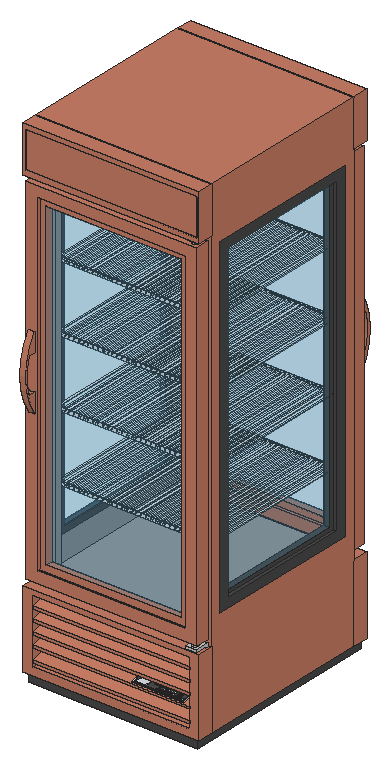
Revit family "QF_TRUE_G4SM-23PT-HC~TSL01", category Specialty Equipment, Revit 2016 (continued)
Definition of nested family "G4SM-23PT-HC-TSL01"
  Definition of nested family "QF_LOGO_TRUE"
    Forms (in)
      Extrusion 5, solid, not visible
        sketch origin (121.45701, -16.5, 4.98235) x (1, 0, 0) y (0, 0, 1)
          loop
            arc (26.35412, 35.17841) -> (26.19578, 35.0555) -> (26.00982, 34.98069) r 0.72453
            arc (26.00982, 34.98069) -> (25.9036, 34.95581) -> (25.79459, 34.9604) r 0.40201
            arc (25.79459, 34.9604) -> (25.7275, 34.98819) -> (25.69972, 35.05528) r 0.09488
            arc (25.69972, 35.05528) -> (25.71867, 35.12629) -> (25.77049, 35.17841) r 0.1425
            line (25.77049, 35.17841) -> (25.73665, 35.18748)
            arc (25.73665, 35.18748) -> (25.67632, 35.09876) -> (25.66924, 34.99171) r 0.20432
            arc (25.66924, 34.99171) -> (25.71443, 34.9227) -> (25.79473, 34.90384) r 0.11116
            arc (25.79473, 34.90384) -> (25.91172, 34.89904) -> (26.02716, 34.91862) r 0.56145
            arc (26.02716, 34.91862) -> (26.27675, 35.021) -> (26.49584, 35.17841) r 1.15683
            line (26.49584, 35.17841) -> (26.35412, 35.17841)
        from 31.54261 to 31.56272
    Dimensions and locks (in)
      aligned and locked: level to plane 2
      aligned and locked: Extrusion 2 to Extrusion 3  (x2)
      aligned and locked: Extrusion 2 sketch curve to Extrusion 3
Definition of nested family "CASTER-LEGS"
  Parameters (values of type "CASTER-LEGS")
    Weight = ""
    URL Manufacturer = ""
    URL Cutsheet = ""
    URL = ""
    Type Mark [instance] = ""
    Status [instance] = ""
    Specification by User [instance] = ""
    Specification by Manufacturer = ""
    Show Siesmic Flanged [instance] = yes
    Show 6 Inches Legs [instance] = yes
    Show 4" Casters [instance] = yes
    Show 2.5 Casters [instance] = yes
    Serial Number = ""
    Seismic Rating = ""
    SMACNA No = ""
    Revision Code [instance] = ""
    Omniclass Number and Title = ""
    NAFEM Spec ID Number = ""
    Model = ""
    MasterSpec. = ""
    Manufacturer = ""
    Low Profile [instance] = yes
    Item Number [instance] = ""
    Installed By [instance] = ""
    Identify Quantity as Lot [instance] = yes
    Furnished By [instance] = ""
    Foodservice Equipment Identifier [instance] = yes
    Description = ""
    CSI MasterFormat = ""
    CSI Master Format = ""
    Assembly Code = ""
  Reference planes (in)
    plane 1: z = 0
    plane 2 "RIGHT": x = 0
    plane 3 "FRONT": y = 0
    plane 4 "TOP": z = 6
    plane 5: z = 2.125
    plane 6: z = 2.5
    plane 7: z = 6.25
  Forms (in)
    Revolve 1, solid, visible <- "Show 6 Inches Legs"
      sketch origin (11.12172, 0, 0) x (-1, 0, 0) y (0, 0, -1)
        loop
          line (11.12172, -6) -> (11.12172, 0) -> (10.62172, 0) -> (10.62172, -1.30261) -> (10.37172, -1.30261) -> (10.37172, -6) -> (11.12172, -6)
        axis (11.12172, 0) -> (11.12172, -6)
      angle from 0 to 360
    Extrusion 2, solid, visible <- "Show Siesmic Flanged"
      sketch origin (0, 0, 0) x (1, 0, 0) y (0, 1, 0)
        loop
          circle (-0.00825, 0) r 1
      from 0 to 0.125
    Revolve 3, solid, visible <- "Show Siesmic Flanged"
      sketch origin (11.12172, 0, 0) x (-1, 0, 0) y (0, 0, -1)
        loop
          line (11.12172, -6) -> (11.12172, -0.125) -> (10.62172, -0.125) -> (10.62172, -1.30261) -> (10.37172, -1.30261) -> (10.37172, -6) -> (11.12172, -6)
        axis (11.12172, -0.125) -> (11.12172, -6)
      angle from 0 to 360
  Dimensions and locks (in)
    plane 4 "TOP" to level = 6"  (x2)
    locked: Revolve 1 sketch curve to Revolve 1 sketch curve at 1.30261
    locked: Revolve 1 sketch curve to Revolve 1 sketch curve at 0.75
    plane 6 to plane 1 = 2 1/2"
    plane 5 to plane 1 = 2 1/8"
    plane 7 to plane 1 = 6 1/4"
    locked: Revolve 3 sketch curve to Revolve 3 sketch curve at 0.75
    aligned and locked: level to plane 1
  Nested families (in)
    nested 1: "C4" at (0, 0, 0), Show 4 Inches Casters <- "Show 4" Casters", visible <- "Show 4" Casters", type "C4"
      with Type Mark "", Specification by User "", Show 4 Inches Casters yes, Revision Code "", Item Number "", Installed By "", Identify Quantity as Lot yes, Furnished By "", Foodservice Equipment Identifier yes
    nested 2: "C2.5" at (0, -0.86941, 0), 2.5 Inches Caster <- "Show 2.5 Casters", visible <- "Show 2.5 Casters", type "C2.5"
      with Type Mark "", Status "", Specification by User "", Revision Code "", Item Number "", Installed By "", Identify Quantity as Lot yes, Furnished By "", Foodservice Equipment Identifier yes, 2.5 Inches Caster yes
  Definition of nested family "C4"
    Parameters
      Weight = ""
      URL Manufacturer = ""
      URL Cutsheet = ""
      URL = ""
      Type Mark [instance] = ""
      Specification by User [instance] = ""
      Specification by Manufacturer = ""
      Show 4 Inches Casters [instance] = yes
      Serial Number = ""
      Seismic Rating = ""
      SMACNA No = ""
      Revision Code [instance] = ""
      Omniclass Number and Title = ""
      NAFEM Spec ID Number = ""
      Model = ""
      MasterSpec. = ""
      Manufacturer = ""
      Item Number [instance] = ""
      Installed By [instance] = ""
      Identify Quantity as Lot [instance] = yes
      Furnished By [instance] = ""
      Foodservice Equipment Identifier [instance] = yes
      Description = ""
      CSI MasterFormat = ""
      CSI Master Format = ""
      Assembly Code = ""
    Reference planes (in)
      plane 1: z = 0
      plane 2 "RIGHT": x = 0
      plane 3 "FRONT": y = 0
      plane 4 "TOP": z = 4
    Forms (in)
      Revolve 1, solid, visible <- "Show 4 Inches Casters"
        sketch origin (-1.93794, 0.83816, -1.0041) x (1, 0, 0) y (0, 0, 1)
          loop
            line (0.74055, 2.5041) -> (3.15007, 2.5041) -> (3.15007, 2.5796) -> (3.10007, 2.6296) -> (3.04007, 2.6296) -> (3.04007, 2.74967) -> (2.62438, 2.74967) -> (2.62438, 2.93884) -> (2.48438, 3.01967) -> (2.45908, 3.17597) -> (2.51563, 3.17597) -> (2.51563, 3.41035) -> (2.48438, 3.41035) -> (2.48438, 4.0041) -> (1.375, 4.0041) -> (1.375, 3.41035) -> (1.34375, 3.41035) -> (1.34375, 3.17597) -> (1.4003, 3.17597) -> (1.37557, 3.02318) -> (1.235, 2.94202) -> (1.235, 2.74967) -> (0.85055, 2.74967) -> (0.85055, 2.6296) -> (0.79055, 2.6296) -> (0.74055, 2.5796) -> (0.74055, 2.5041)
          axis (0.74055, 2.5041) -> (3.15007, 2.5041)
        angle from 0 to 360
      Extrusion 2, solid, visible <- "Show 4 Inches Casters"
        sketch origin (-1.93794, 1.80294, -1.7541) x (0, 1, 0) y (0, 0, 1)
          loop
            line (-3.08794, 5.33423) -> (-3.08794, 5.00584) -> (-2.69466, 5.00584)
            arc (-2.69466, 5.00584) -> (-1.57175, 4.94895) -> (-0.46376, 4.75787) r 9.36411
            arc (-0.46376, 4.75787) -> (-0.05889, 4.58436) -> (0.28335, 4.30705) r 1.60049
            line (0.28335, 4.30705) -> (0.34449, 4.39437)
            arc (0.34449, 4.39437) -> (0.12713, 4.6163) -> (-0.1239, 4.79931) r 1.8753
            line (-0.1239, 4.79931) -> (-0.05749, 4.91421)
            arc (-0.05749, 4.91421) -> (-0.33807, 5.05694) -> (-0.64294, 5.13542) r 1.44292
            line (-0.64294, 5.13542) -> (-0.64294, 5.33423) -> (-3.08794, 5.33423)
        from 1.1267 to 2.74918
      Revolve 3, solid, visible <- "Show 4 Inches Casters"
        sketch origin (0, 2.15543, -2.25) x (0, 1, 0) y (0, 0, 1)
          loop
            line (-2.21793, 6.25) -> (-2.21793, 5.83014) -> (-1.05793, 5.83014) -> (-1.05793, 6.25) -> (-2.21793, 6.25)
          axis (-2.21793, 5.83014) -> (-2.21793, 6.25)
        angle from 0 to 360
      Extrusion 4, solid, visible <- "Show 4 Inches Casters"
        sketch origin (-1.93794, 1.80294, -1.7541) x (0, 1, 0) y (0, 0, 1)
          loop
            line (-3.08794, 5.33423) -> (-3.08794, 5.00584) -> (-2.8913, 5.00584)
            arc (-2.8913, 5.00584) -> (-2.09118, 4.14057) -> (-1.45681, 3.14736) r 6.63355
            arc (-1.45681, 3.14736) -> (-0.85703, 2.75969) -> (-0.4561, 3.35069) r 0.5107
            arc (-0.4561, 3.35069) -> (-0.27092, 3.92503) -> (0.24034, 4.24562) r 0.88136
            line (0.24034, 4.24562) -> (0.34449, 4.39437)
            arc (0.34449, 4.39437) -> (0.12713, 4.6163) -> (-0.1239, 4.79931) r 1.8753
            line (-0.1239, 4.79931) -> (-0.05749, 4.91421)
            arc (-0.05749, 4.91421) -> (-0.33807, 5.05694) -> (-0.64294, 5.13542) r 1.44292
            line (-0.64294, 5.13542) -> (-0.64294, 5.33423) -> (-3.08794, 5.33423)
        from 2.74918 to 2.90825
      Extrusion 5, solid, visible <- "Show 4 Inches Casters"
        sketch origin (1.93794, 1.80294, -1.7541) x (0, 1, 0) y (0, 0, -1)
          loop
            line (-3.08794, -5.33423) -> (-0.64294, -5.33423) -> (-0.64294, -5.13542)
            arc (-0.64294, -5.13542) -> (-0.33807, -5.05694) -> (-0.05749, -4.91421) r 1.44292
            line (-0.05749, -4.91421) -> (-0.1239, -4.79931)
            arc (-0.1239, -4.79931) -> (0.12713, -4.6163) -> (0.34449, -4.39437) r 1.8753
            line (0.34449, -4.39437) -> (0.24034, -4.24562)
            arc (0.24034, -4.24562) -> (-0.27092, -3.92503) -> (-0.4561, -3.35069) r 0.88136
            arc (-0.4561, -3.35069) -> (-0.85703, -2.75969) -> (-1.45681, -3.14736) r 0.5107
            arc (-1.45681, -3.14736) -> (-2.09118, -4.14057) -> (-2.8913, -5.00584) r 6.63355
            line (-2.8913, -5.00584) -> (-3.08794, -5.00584) -> (-3.08794, -5.33423)
        from 2.74918 to 2.90825
    Cuts and joins
      joined: Extrusion 2, Extrusion 4, Extrusion 5
    Lines and regions (in)
      symbolic lines, visible <- "Show 4 Inches Casters"
        curve 1: line (0.28481, 1.83041, 0) -> (1.24556, 1.27572, 0)
        curve 2: line (-1.26206, -0.84886, 0) -> (0.28481, 1.83041, 0)
        curve 3: line (-0.30132, -1.40355, 0) -> (-1.26206, -0.84886, 0)
        curve 4: line (1.24556, 1.27572, 0) -> (-0.30132, -1.40355, 0)
    Dimensions and locks (in)
      plane 4 "TOP" to level = 4"  (x2)
      aligned and locked: level to plane 1
  Definition of nested family "C2.5"
    Parameters
      Weight = ""
      URL Manufacturer = ""
      URL Cutsheet = ""
      URL = ""
      Type Mark [instance] = ""
      Status [instance] = ""
      Specification by User [instance] = ""
      Specification by Manufacturer = ""
      Serial Number = ""
      Seismic Rating = ""
      SMACNA No = ""
      Revision Code [instance] = ""
      Omniclass Number and Title = ""
      NAFEM Spec ID Number = ""
      Model = ""
      MasterSpec. = ""
      Manufacturer = ""
      Item Number [instance] = ""
      Installed By [instance] = ""
      Identify Quantity as Lot [instance] = yes
      Furnished By [instance] = ""
      Foodservice Equipment Identifier [instance] = yes
      Description = ""
      CSI MasterFormat = ""
      CSI Master Format = ""
      Assembly Code = ""
      2.5 Inches Caster [instance] = yes
    Reference planes (in)
      plane 1: z = 0
      plane 2 "RIGHT": x = 0
      plane 3 "FRONT": y = 0
      plane 4 "TOP": z = 2.5
    Forms (in)
      Revolve 1, solid, visible <- "2.5 Inches Caster"
        sketch origin (-1.93794, 0.83816, -1.0041) x (1, 0, 0) y (0, 0, 1)
          loop
            line (0.74055, 1.92597) -> (0.74055, 1.85047) -> (0.79055, 1.80047) -> (0.85055, 1.80047) -> (0.85055, 1.6804) -> (1.235, 1.6804) -> (1.235, 1.61305) -> (1.38673, 1.52545) -> (1.4003, 1.4416) -> (1.34375, 1.4416) -> (1.34375, 1.3166) -> (1.375, 1.3166) -> (1.375, 1.0041) -> (2.48438, 1.0041) -> (2.48438, 1.3166) -> (2.51563, 1.3166) -> (2.51563, 1.4416) -> (2.45908, 1.4416) -> (2.47322, 1.52897) -> (2.62438, 1.61624) -> (2.62438, 1.6804) -> (3.04007, 1.6804) -> (3.04007, 1.80047) -> (3.10007, 1.80047) -> (3.15007, 1.85047) -> (3.15007, 1.92597) -> (0.74055, 1.92597)
          axis (0.74055, 1.92597) -> (3.15007, 1.92597)
        angle from 0 to 360
      Extrusion 2, solid, visible <- "2.5 Inches Caster"
        sketch origin (-1.93794, 1.80294, -3.2541) x (0, 1, 0) y (0, 0, 1)
          loop
            line (-0.64294, 5.43229) -> (-0.64294, 5.55298) -> (-2.21294, 5.55298) -> (-2.21294, 5.30272) -> (-1.81966, 5.30272)
            arc (-1.81966, 5.30272) -> (-1.13638, 5.20789) -> (-0.46376, 5.05475) r 8.02767
            arc (-0.46376, 5.05475) -> (-0.19511, 4.95469) -> (0.05138, 4.80832) r 1.60049
            line (0.05138, 4.80832) -> (0.12713, 4.91318)
            arc (0.12713, 4.91318) -> (-0.07255, 5.06376) -> (-0.29048, 5.18644) r 1.8753
            line (-0.29048, 5.18644) -> (-0.22239, 5.30423)
            arc (-0.22239, 5.30423) -> (-0.42776, 5.38437) -> (-0.64294, 5.43229) r 1.44292
        from 1.17357 to 2.70231
      Revolve 3, solid, visible <- "2.5 Inches Caster"
        sketch origin (0, 2.10856, -3.75) x (0, 1, 0) y (0, 0, 1)
          loop
            line (-1.73858, 6.25) -> (-1.73858, 6.04889) -> (-1.05793, 6.04889) -> (-1.05793, 6.25) -> (-1.73858, 6.25)
          axis (-1.73858, 6.04889) -> (-1.73858, 6.25)
        angle from 0 to 360
      Extrusion 4, solid, visible <- "2.5 Inches Caster"
        sketch origin (-1.98481, 1.80294, -1.7541) x (0, 1, 0) y (0, 0, 1)
          loop
            line (-2.21294, 4.05298) -> (-2.21294, 3.80272) -> (-2.13999, 3.80272)
            arc (-2.13999, 3.80272) -> (-1.62379, 3.51899) -> (-1.39241, 2.97729) r 0.90292
            arc (-1.39241, 2.97729) -> (-1.36136, 2.78161) -> (-1.29729, 2.59413) r 1.15385
            arc (-1.29729, 2.59413) -> (-0.94802, 2.37355) -> (-0.6121, 2.61396) r 0.37001
            arc (-0.6121, 2.61396) -> (-0.59625, 2.66241) -> (-0.58446, 2.712) r 0.61695
            arc (-0.58446, 2.712) -> (-0.36134, 3.11665) -> (0.05609, 3.31484) r 0.75313
            line (0.05609, 3.31484) -> (0.12713, 3.41318)
            arc (0.12713, 3.41318) -> (-0.07255, 3.56376) -> (-0.29048, 3.68644) r 1.8753
            line (-0.29048, 3.68644) -> (-0.22239, 3.80423)
            arc (-0.22239, 3.80423) -> (-0.42776, 3.88437) -> (-0.64294, 3.93229) r 1.44292
            line (-0.64294, 3.93229) -> (-0.64294, 4.05298) -> (-2.21294, 4.05298)
        from 2.74918 to 2.90825
      Extrusion 5, solid, visible <- "2.5 Inches Caster"
        sketch origin (1.98481, 1.80294, -1.7541) x (0, 1, 0) y (0, 0, -1)
          loop
            line (-2.21294, -4.05298) -> (-0.64294, -4.05298) -> (-0.64294, -3.93229)
            arc (-0.64294, -3.93229) -> (-0.42776, -3.88437) -> (-0.22239, -3.80423) r 1.44292
            line (-0.22239, -3.80423) -> (-0.29048, -3.68644)
            arc (-0.29048, -3.68644) -> (-0.07255, -3.56376) -> (0.12713, -3.41318) r 1.8753
            line (0.12713, -3.41318) -> (0.05609, -3.31484)
            arc (0.05609, -3.31484) -> (-0.36134, -3.11665) -> (-0.58446, -2.712) r 0.75313
            arc (-0.58446, -2.712) -> (-0.59625, -2.66241) -> (-0.6121, -2.61396) r 0.61695
            arc (-0.6121, -2.61396) -> (-0.94802, -2.37355) -> (-1.29729, -2.59413) r 0.37001
            arc (-1.29729, -2.59413) -> (-1.36136, -2.78161) -> (-1.39241, -2.97729) r 1.15385
            arc (-1.39241, -2.97729) -> (-1.62379, -3.51899) -> (-2.13999, -3.80272) r 0.90292
            line (-2.13999, -3.80272) -> (-2.21294, -3.80272) -> (-2.21294, -4.05298)
        from 2.74918 to 2.90825
    Lines and regions (in)
      symbolic lines, visible <- "2.5 Inches Caster"
        curve 1: line (0.10651, 1.96132, 0) -> (0.80944, 1.55548, 0)
        curve 2: line (-0.89349, 0.22927, 0) -> (0.10651, 1.96132, 0)
        curve 3: line (-0.19056, -0.17657, 0) -> (-0.89349, 0.22927, 0)
        curve 4: line (0.80944, 1.55548, 0) -> (-0.19056, -0.17657, 0)
    Dimensions and locks (in)
      plane 4 "TOP" to level = 2 1/2"  (x2)
      aligned and locked: level to plane 1
